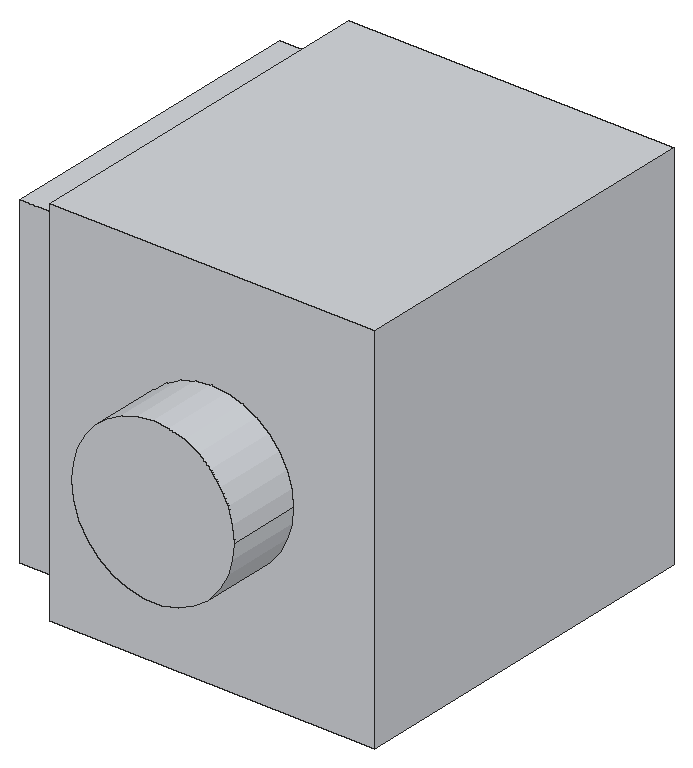
Revit family "dcfc7163fedd4559ad2e42e3c95c7f3c", category Duct Fittings, Revit 2021
Family settings
  Round Connector Dimension = Use Radius
  Part Type = Tee
  OmniClass Number = 23.75.70.11.14.24
  OmniClass Title = Air Mixers
  Seek Item ID = VAV Outlet Plenum - Tee-0000-USA-ENU
  Work Plane-Based = No
  Always vertical = Yes
  Cut with Voids When Loaded = No
  Shared = No
Parameters (values of type "Standard")
  Plenum Width = Duct Width + 0' 1 1/2"  # 11 1/2"
  Plenum Length = 10"
  Plenum Height = Duct Height + 0' 1 1/2"  # 11 1/2"
  Length 1 = Duct Width / 2 + 0' 3"  # 8"
  Duct Width = 10"
  Duct Radius 2 = 2 1/2"
  Duct Radius 1 = 2 1/2"
  Duct Height = 10"
  Duct Diameter 2 = Duct Radius 2 * 2  # 5"
  Duct Diameter 1 = Duct Radius 1 * 2  # 5"
  Default Elevation = 0' - 0"
Reference planes (in)
  plane 1 "Center (Front/Back)": y = 0
  plane 2: z = 0
  plane 3 "Center (Left/Right)": x = 0
  plane 4: y = 5.75
  plane 5: y = -5.75
  plane 6: y = -8
  plane 7: y = 8
  plane 8: x = -5
  plane 9: x = 5
  plane 10: x = -6.5
  plane 11: z = 5.75
  plane 12: z = -5.75
Forms (in)
  Extrusion 1, solid
    sketch origin (0, 0, 0) x (1, 0, 0) y (0, 1, 0)
      loop
        line (-5, 5.75) -> (-5, -5.75) -> (5, -5.75) -> (5, 5.75) -> (-5, 5.75)
    from -5.75 to 5.75
  Extrusion 2, solid
    sketch origin (0, 0, 0) x (0, 1, 0) y (0, 0, 1)
      loop
        line (5, 5) -> (-5, 5) -> (-5, -5) -> (5, -5) -> (5, 5)
    from -6.5 to -5
  Extrusion 3, solid
    sketch origin (0, 0, 0) x (1, 0, 0) y (0, 0, 1)
      loop
        circle (0, 0) r 2.5
    from 5.75 to 8
  Extrusion 4, solid
    sketch origin (0, 0, 0) x (1, 0, 0) y (0, 0, 1)
      loop
        circle (0, 0) r 2.5
    from -8 to -5.75
Dimensions and locks (in)
  equal spacing: plane 4, plane 1 "Center (Front/Back)", plane 5
  "Plenum Width": plane 4 to plane 5
  "Length 1": plane 6 to plane 1 "Center (Front/Back)"
  "Length 1": plane 1 "Center (Front/Back)" to plane 7
  equal spacing: plane 8, plane 3 "Center (Left/Right)", plane 9
  "Plenum Length": plane 8 to plane 9
  locked: plane 10 to plane 8 at 1.5
  equal spacing: plane 11, plane 2, plane 12
  "Plenum Height": plane 11 to plane 12
  equal spacing: Extrusion 2 sketch curve, plane 1 "Center (Front/Back)", Extrusion 2 sketch curve
  "Duct Width": Extrusion 2 sketch curve to Extrusion 2 sketch curve
  equal spacing: Extrusion 2 sketch curve, plane 2, Extrusion 2 sketch curve
  "Duct Height": Extrusion 2 sketch curve to Extrusion 2 sketch curve
  "Duct Radius 1": radius of Extrusion 3 sketch curve
  "Duct Radius 2": radius of Extrusion 4 sketch curve
  aligned and locked: plane 2 to level
  aligned and locked: Extrusion 1 sketch curve to plane 4
  aligned and locked: plane 8 to Extrusion 1 sketch curve
  aligned and locked: plane 5 to Extrusion 1 sketch curve
  aligned and locked: Extrusion 1 sketch curve to plane 9
  aligned and locked: Extrusion 1 to plane 12
  aligned and locked: plane 11 to Extrusion 1
  aligned and locked: Extrusion 2 to plane 10
  aligned and locked: plane 8 to Extrusion 2
  aligned and locked: plane 2 to Extrusion 3 sketch curve
  aligned and locked: plane 3 "Center (Left/Right)" to Extrusion 3 sketch curve
  aligned and locked: plane 5 to Extrusion 3
  aligned and locked: Extrusion 3 to plane 6
  aligned and locked: plane 3 "Center (Left/Right)" to Extrusion 4 sketch curve
  aligned and locked: plane 2 to Extrusion 4 sketch curve
  aligned and locked: Extrusion 4 to plane 4
  aligned and locked: plane 7 to Extrusion 4
Connectors (in)
  hvac at (-6.5, 0, 0), driven by "Duct Height", driven by "Duct Width"
    settings: on Extrusion 2, index 1, duct flow 0 CFM, flow factor 0, pres drop 0.00 in-wg, loss coef 0, conn angle 0.00°, conn width 10", conn height 10", conn diameter 24", duct sys type 1, conn prof type 1, flow config 0, flow direction 1, loss method 4, conn ref index -1, conn util no, is conn primary yes, conn desc ""
  hvac at (0, -8, 0), driven by "Duct Radius 1"
    settings: on Extrusion 3, index 2, duct flow 0 CFM, flow factor 0, pres drop 0.00 in-wg, loss coef 0, conn angle 0.00°, conn width 12", conn height 12", conn diameter 5", duct sys type 1, conn prof type 0, flow config 0, flow direction 2, loss method 4, conn ref index -1, conn util no, is conn primary no, conn desc ""
  hvac at (0, 8, 0), driven by "Duct Radius 2"
    settings: on Extrusion 4, index 3, duct flow 0 CFM, flow factor 0, pres drop 0.00 in-wg, loss coef 0, conn angle 0.00°, conn width 12", conn height 12", conn diameter 5", duct sys type 1, conn prof type 0, flow config 0, flow direction 2, loss method 4, conn ref index -1, conn util no, is conn primary no, conn desc ""
